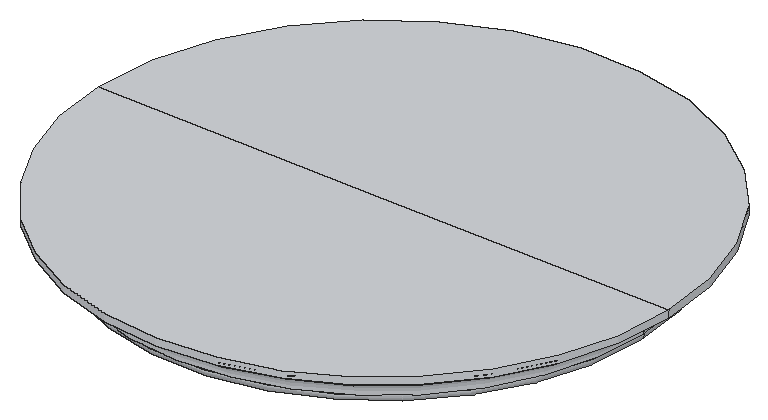
Revit family "OracDecor_R77", category Обобщенные модели, Revit 2019
Family settings
  Может служить основой для арматурных стержней = Нет
  Размер круглого соединителя = Использовать диаметр
  Тип детали = Нормальный
  На основе рабочей плоскости = Нет
  Всегда вертикально = Да
  При загрузке вырезать с полостями = Нет
  Общий = Нет
  Точка расчета площади = Нет
Parameters
  Изготовитель = "Family from POCHERTEAM"  # constant formula
  URL = "t.me/pocherteam"
Reference planes
  plane 1 "По центру (Вперед/Назад)": y = 0
  plane 2: z = 0
  plane 3 "По центру (Влево/Вправо)": x = 0
Forms (mm)
  Revolve 1, solid
    sketch origin (0, 0, 0) x (1, 0, 0) y (0, 0, 1)
      loop
        line (0, 0) -> (0, -13.488) -> (31.074, -13.488)
        arc (31.074, -13.488) -> (42.015, -16.216) -> (50.395, -23.761) r 23.306
        arc (50.395, -23.761) -> (60.395, -26.643) -> (70.395, -23.761) r 18.793
        arc (70.395, -23.761) -> (127.895, -17.438) -> (185.395, -23.761) r 264.601
        arc (185.395, -23.761) -> (195.401, -31.568) -> (207.469, -35.498) r 36.687
        arc (207.469, -35.498) -> (211.088, -33.999) -> (212.588, -30.379) r 5.119
        arc (212.588, -30.379) -> (213.88, -29.087) -> (215.172, -30.379) r 1.292
        arc (215.172, -30.379) -> (223.3, -35.753) -> (232.936, -37.199) r 22.566
        arc (232.936, -37.199) -> (242.297, -35.299) -> (250.842, -31.033) r 36.436
        arc (250.842, -31.033) -> (254.482, -29.918) -> (258.123, -31.033) r 6.499
        arc (258.123, -31.033) -> (261.379, -32.519) -> (264.941, -32.86) r 10.806
        arc (264.941, -32.86) -> (273.915, -41.833) -> (282.888, -32.86) r 8.974
        arc (282.888, -32.86) -> (287.354, -20.915) -> (298.562, -14.829) r 18.208
        arc (298.562, -14.829) -> (302.874, -8.97) -> (310, -7.5) r 10.152
        line (310, -7.5) -> (310, 0) -> (0, 0)
      axis (0, 0) -> (0, -37.199)
    angle from 0 to 360
Dimensions and locks
  Revolve 1 to Revolve 1 = 620 mm
  level to Revolve 1 = 7.5 mm
  aligned and locked: level to plane 2
